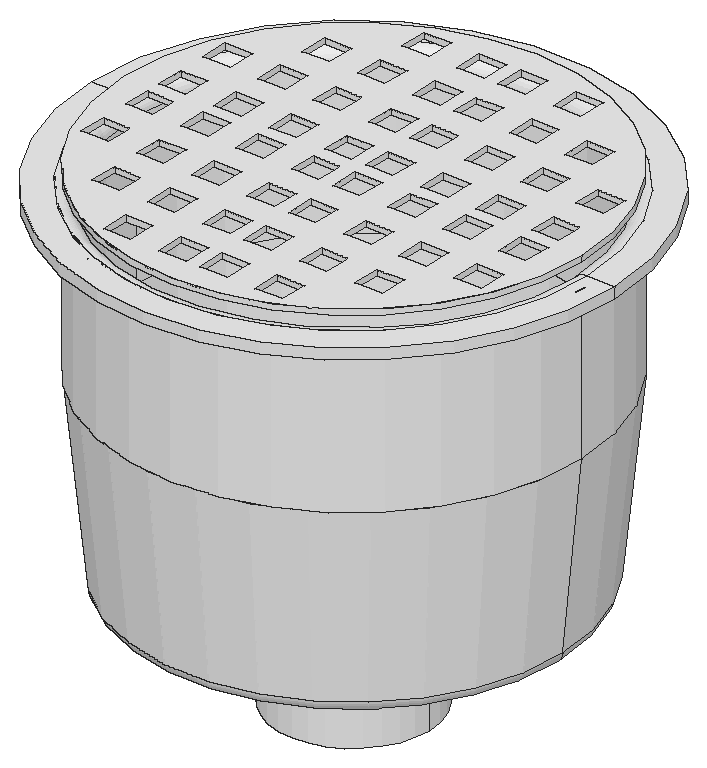
Revit family "Receptor_Sani-Flor_12_Inch_Round_8_Inch_Sump-Zurn-Z1950", category Plumbing Fixtures, Revit 2022
Family settings
  Round Connector Dimension = Use Radius
  Part Type = Normal
  OmniClass Number = 23.45.05.14.14
  OmniClass Title = Sinks/Lavatories
  Work Plane-Based = No
  Always vertical = Yes
  Cut with Voids When Loaded = No
  Maintain Annotation Orientation = No
  Shared = No
  Room Calculation Point = No
Parameters (values of type "Load Family Type Catalog")
  ZN Top height = 0.375"
  ZN Top = no
  Waste Connection = 1 = 1  # yes
  WFU = 1  # constant formula
  Vent Connection = 1 = 0  # no
  URL = "www.zurn.com"
  Type Comments = "Z1950 Sani-Flor Receptor 3 Inch Inside Caulk Outlet"
  Trap Primer = 1 = 0  # no
  Thickness = 0.250"
  Grate Open Area (Sq. In) = "22"
  Product data url = "https://www.bimobject.com/en-in/zurnindustries/product/zurn-z1950"
  Product Page URL = "https://www.zurn.com/products/drainage-interceptors/floor-sinks/z1950"
  Product Documentation Link = "https://files.zurn.com/spec-sheets/z1950.pdf"
  Grate Material = Iron - Zurn - Cast - White A.R.E Coated - Interior
  E_ Body Length_Derived = E_ Body Height - ZN Top height  # 10.625"
  Connector Radius = [A_ Pipe Size (Nominal)] / 2  # 1.500"
  Model = "Z1950-3IC"
  Main Material = Iron - Zurn - Cast - White A.R.E Coated - Interior
  HWFU = 0  # constant formula
  HW Connection = 1 = 0  # no
  Description = "12 [305] DIAMETER A.R.E. SANI-FLOR RECEPTOR 8 [203] SUMP DEPTH"  # constant formula
  CWFU = 0  # constant formula
  CW Connection = 1 = 0  # no
  Assembly Code = "D2030300"
  A_ Pipe Size (Nominal) = 3.000"
  A_ Pipe Size (Actual-Outer) = 3.500"
  A_ Pipe Size (Actual-Inner) = 3.026"
  Modified Date = "12/26/2025"  # constant formula
  Manufacurer Brand = "Zurn"  # constant formula
  Manufacturer = "Zurn Water, LLC"  # constant formula
  E_ Body Height = 11.000"
  Default Elevation = 4.000"  # constant formula
  Date Created = "08/29/2022"  # constant formula
  Approx. Weight (Lbs) = 34.000"
Reference planes (in)
  plane 1 "Center (Front/Back)": y = 0
  plane 2 "Top Level": z = -2.375
  plane 3 "Center (Left/Right)": x = 0
  plane 4: through (-4.38902, 4.38902, 48) normal (0.7071, 0.7071, 0)
  plane 5: through (4.7432, 4.7432, 48) normal (0.7071, -0.7071, 0)
  plane 6: x = -6
  plane 7: x = 6
  plane 8: x = -5.75
  plane 9: x = 5.75
  plane 10: z = -0.625
  plane 11: x = -1.75
  plane 12: x = 1.75
  plane 13: x = -1.513
  plane 14: x = 1.513
  plane 15: z = -8.375
  plane 16: z = -8.625
  plane 17: z = -11
  plane 18: z = -0.375
  plane 19: y = 1.75
  plane 20: y = -1.75
  plane 21: y = 6.125
  plane 22: y = -6.125
  plane 23: x = -5.25
  plane 24: x = 5.25
  plane 25: x = -5.5
  plane 26: x = 5.5
  plane 27: x = -5
  plane 28: x = 5
  plane 29: z = -0.25
  plane 30: z = -0.5
  plane 31: y = 5.25
  plane 32: y = -5.25
  plane 33: x = -5.25
  plane 34: x = 5.25
Forms (in)
  Revolve 1, solid, material "Iron - Zurn - Cast - White A.R.E Coated - Interior" <- "Main Material", detail levels fine
    sketch origin (0, 0, 0) x (1, 0, 0) y (0, 0, 1)
      loop
        line (-1.513, -11) -> (-1.513, -8.375) -> (-4.40139, -8.375)
        arc (-4.40139, -8.375) -> (-4.47894, -8.34803) -> (-4.52303, -8.27875) r 0.125
        arc (-4.52303, -8.27875) -> (-4.88036, -6.24698) -> (-5, -4.1875) r 17.78516
        line (-5, -4.1875) -> (-5, -0.75)
        arc (-5, -0.75) -> (-5.10983, -0.48483) -> (-5.375, -0.375) r 0.375
        line (-5.375, -0.375) -> (-6, -0.375) -> (-6, -0.625) -> (-5.375, -0.625)
        arc (-5.375, -0.625) -> (-5.28661, -0.66161) -> (-5.25, -0.75) r 0.125
        line (-5.25, -0.75) -> (-5.25, -4.1875)
        arc (-5.25, -4.1875) -> (-5.14106, -6.26905) -> (-4.81544, -8.32786) r 19.94141
        arc (-4.81544, -8.32786) -> (-4.68465, -8.5414) -> (-4.44861, -8.625) r 0.375
        line (-4.44861, -8.625) -> (-1.875, -8.625)
        arc (-1.875, -8.625) -> (-1.78661, -8.66161) -> (-1.75, -8.75) r 0.125
        line (-1.75, -8.75) -> (-1.75, -11) -> (-1.513, -11)
      axis (0, -0.375) -> (0, -11)
    angle from 0 to 360
  Revolve 2, solid, material "Iron - Zurn - Cast - White A.R.E Coated - Interior" <- "Grate Material", visible <- "ZN Top", detail levels fine
    sketch origin (0, 0, 0) x (1, 0, 0) y (0, 0, 1)
      loop
        line (-5.25, 0) -> (-6.25, 0) -> (-6.25, -0.5) -> (-5, -0.5) -> (-5, -0.25) -> (-5.25, -0.25) -> (-5.25, 0)
      axis (0, 0) -> (0, -0.5)
    angle from 0 to 360
Lines and regions (in)
  Masking region 1, detail levels fine
    outline origin (0, 0, 0) x (1, 0, 0) y (0, 1, 0)
      loop
        circle (0, 0) r 6.25
  model lines, detail levels coarse+medium
    curve 1: line (0, 0, 0) -> (0, 0, -11)
    curve 2: line (-1.75, 0, -11) -> (1.75, 0, -11)
    curve 3: line (0, 1.75, -11) -> (0, -1.75, -11)
    curve 4: circle (0, 0, 0) r 6 normal (0, 0, 1)
    curve 5: circle (0, 0, 0) r 5.25 normal (0, 0, 1)
    curve 6: line (-3.01854, 4.29545, 0) -> (3.01854, 4.29545, 0)
    curve 7: line (-4.04979, 3.34091, 0) -> (4.04979, 3.34091, 0)
    curve 8: line (-4.6763, 2.38636, 0) -> (4.6763, 2.38636, 0)
    curve 9: line (-5.05098, 1.43182, 0) -> (5.05098, 1.43182, 0)
    curve 10: line (-5.22826, 0.47727, 0) -> (5.22826, 0.47727, 0)
    curve 11: line (5.22826, -0.47727, 0) -> (-5.22826, -0.47727, 0)
    curve 12: line (-5.05098, -1.43182, 0) -> (5.05098, -1.43182, 0)
    curve 13: line (-4.6763, -2.38636, 0) -> (4.6763, -2.38636, 0)
    curve 14: line (-4.04979, -3.34091, 0) -> (4.04979, -3.34091, 0)
    curve 15: line (-3.01854, -4.29545, 0) -> (3.01854, -4.29545, 0)
    curve 16: line (-4.29545, 3.01854, 0) -> (-4.29545, -3.01854, 0)
    curve 17: line (-3.34091, 4.04979, 0) -> (-3.34091, -4.04979, 0)
    curve 18: line (-2.38636, -4.6763, 0) -> (-2.38636, 4.6763, 0)
    curve 19: line (-1.43182, 5.05098, 0) -> (-1.43182, -5.05098, 0)
    curve 20: line (-0.47727, -5.22826, 0) -> (-0.47727, 5.22826, 0)
    curve 21: line (0.47727, 5.22826, 0) -> (0.47727, -5.22826, 0)
    curve 22: line (1.43182, -5.05098, 0) -> (1.43182, 5.05098, 0)
    curve 23: line (2.38636, 4.6763, 0) -> (2.38636, -4.6763, 0)
    curve 24: line (3.34091, 4.04979, 0) -> (3.34091, -4.04979, 0)
    curve 25: line (4.29545, 3.01854, 0) -> (4.29545, -3.01854, 0)
Dimensions and locks (in)
  locked: plane 3 "Center (Left/Right)" to plane 4
  locked: plane 5 to plane 4
  level to plane 2 "Top Level" = 2.375"
  equal spacing: plane 11, plane 3 "Center (Left/Right)", plane 12
  "A_ Pipe Size (Actual-Outer)": plane 11 to plane 12
  equal spacing: plane 14, plane 3 "Center (Left/Right)", plane 13
  "A_ Pipe Size (Actual-Inner)": plane 14 to plane 13
  "A_ Pipe Size (Actual-Outer)": plane 19 to plane 20
  equal spacing: plane 19, plane 1 "Center (Front/Back)", plane 20
  locked: plane 21 to plane 22 at 12.25
  equal spacing: plane 21, plane 1 "Center (Front/Back)", plane 22
  "Thickness": plane 8 to plane 6
  "Thickness": plane 7 to plane 9
  locked: plane 7 to plane 6 at 12
  equal spacing: plane 7, plane 3 "Center (Left/Right)", plane 6
  plane 24 to plane 3 "Center (Left/Right)" to plane 23 = 5.250" locked, 5.250" locked
  "Thickness": plane 24 to plane 26
  "Thickness": plane 23 to plane 25
  "Thickness": plane 27 to plane 23
  "Thickness": plane 24 to plane 28
  "E_ Body Height": level to plane 17
  "Thickness": plane 15 to plane 16
  locked: plane 18 to plane 15 at 8
  locked: plane 18 to plane 2 "Top Level" at 2
  plane 3 "Center (Left/Right)" to Revolve 1 sketch curve = 4.44861"
  Revolve 1 sketch curve to plane 16 = 0.375"
  "E_ Body Length_Derived": plane 18 to plane 17
  "Thickness": plane 18 to plane 10
  "Thickness": plane 29 to plane 30
  "Thickness": level to plane 29
  locked: Revolve 2 sketch curve to plane 6 at 0.25
  plane 31 to plane 1 "Center (Front/Back)" to plane 32 = 5.250" locked, 5.250" locked
  equal spacing: plane 31, curve 6, curve 7, curve 8, curve 9, curve 10, curve 11, curve 12, curve 13, curve 14, curve 15, plane 32
  plane 33 to plane 3 "Center (Left/Right)" to plane 34 = 5.250" locked, 5.250" locked
  equal spacing: plane 33, curve 16, curve 17, curve 18, curve 19, curve 20, curve 21, curve 22, curve 23, curve 24, curve 25, plane 34
  plane 25 to plane 6 = 0.500"
  plane 26 to plane 7 = 0.500"
  radius of curve 5 = 5.250"
  diameter of Masking region 1 sketch curve = 12.500"
  aligned and locked: plane 11 to curve 2
  aligned and locked: plane 12 to curve 2
  aligned and locked: curve 2 to plane 17
  aligned and locked: level to curve 1
  aligned and locked: plane 17 to curve 1
  aligned and locked: curve 1 to plane 3 "Center (Left/Right)"
  aligned and locked: plane 19 to curve 3
  aligned and locked: plane 20 to curve 3
  aligned and locked: curve 3 to plane 17
  aligned and locked: plane 17 to Revolve 1 sketch curve
  aligned and locked: Revolve 1 sketch curve to plane 11
  aligned and locked: plane 13 to Revolve 1 sketch curve
  aligned and locked: plane 18 to Revolve 1 sketch curve  (x2)
  aligned and locked: Revolve 1 sketch curve to plane 10
  aligned and locked: Revolve 1 sketch curve to plane 3 "Center (Left/Right)"
  aligned and locked: Revolve 2 sketch curve to plane 30
  aligned and locked: plane 29 to Revolve 2 sketch curve
  aligned and locked: Revolve 2 sketch curve to curve 1
  aligned and locked: Revolve 2 to level
  aligned and locked: plane 3 "Center (Left/Right)" to curve 4
  aligned and locked: plane 1 "Center (Front/Back)" to curve 4
  aligned and locked: plane 1 "Center (Front/Back)" to curve 5
  aligned and locked: plane 3 "Center (Left/Right)" to curve 5
  aligned and locked: plane 3 "Center (Left/Right)" to Masking region 1 sketch curve
  aligned and locked: plane 1 "Center (Front/Back)" to Masking region 1 sketch curve
  aligned and locked: plane 16 to Revolve 1 sketch curve
  aligned and locked: plane 15 to Revolve 1 sketch curve
  aligned and locked: Revolve 1 sketch curve to plane 6
  aligned and locked: level to nested 1
  aligned and locked: plane 27 to Revolve 1 sketch curve
  aligned and locked: Revolve 1 sketch curve to plane 33
  aligned and locked: plane 3 "Center (Left/Right)" to nested 1
  aligned and locked: plane 1 "Center (Front/Back)" to nested 1
  aligned and locked: Revolve 2 sketch curve to plane 27
  aligned and locked: plane 33 to Revolve 2 sketch curve
Automatic sketch dimensions
  Revolve 1 sketch curve to Revolve 1 sketch curve = 0.04723"
  Revolve 1 sketch curve to Revolve 1 sketch curve = 0.000"  (x2)
  Revolve 1 sketch curve to plane 17 = 0.000"
  Revolve 1 sketch curve to Revolve 1 sketch curve = 0.125"
  Revolve 1 sketch curve to plane 2 "Top Level" = 1.8125"  (x2)
  plane 7 to Revolve 1 sketch curve = 6.78516"
  Revolve 1 sketch curve to Revolve 1 sketch curve = 1.90625"
  Revolve 2 sketch curve to plane 2 "Top Level" = 0.000"
  level to Revolve 2 sketch curve = 0.000"
  Revolve 2 sketch curve to level = 0.000"
  Revolve 1 sketch curve to plane 10 = 0.125"
  radius of curve 4 = 6.000"
Nested families (in)
  nested 1: "Z1950-Grate" at (0, 0, 0), Grate Material <- "Grate Material", type "Grate", detail levels fine
    with Strainer Diameter (B) 10.850", Slot od 0.650", Grate Radius 5.250", Grate Material Iron - Zurn - Cast - White A.R.E Coated - Interior
Connectors (in)
  piping at (0, 0, -11), diameter 3, driven by "Connector Radius", driven by "Waste Connection"
    settings: on Revolve 1, index 1, connector inside diameter 24", connector length 0.000", flow factor 0, pipe flow 0 GPM, pressure drop 0.00 psi, fitting loss kfactor 0, connector angle 0.00°, fixture units 0, engagement length 0.000", angle of deflection 0.00°, flow configuration 0, flow direction 2, fitting loss method 0, system type 16, joint type 0, gender type 0, connector reference index -1, connector utility 1, adjustable connector no, is connector primary yes, connector description "sanitary Outlet"
Definition of nested family "Z1950-Grate"
  Parameters (values of type "Grate")
    Waste Connection = 1 = 1  # yes
    WFU = 1  # constant formula
    Vent Connection = 1 = 0  # no
    URL = "www.zurn.com"
    Type Comments = ""
    Strainer Diameter (B) [instance] = 11.350"
    Slot od [instance] = if([Strainer Diameter (B)] = 5.000", 0.375", if([Strainer Diameter (B)] = 6.000", 0.475", if([Strainer Diameter (B)] = 7.000", 0.475", if([Strainer Diameter (B)] = 8.000", 0.650", if([Strainer Diameter (B)] = 10.000", 0.650", 0.650")))))  # 0.650"
    Product data url = ""
    Product Page URL = ""
    Product Installation Sheet URL = ""
    Product Documentation Link = ""
    Modified Date = ""
    Model = ""
    Manufacurer Brand = "Zurn"  # constant formula
    Manufacturer = "Zurn Water, LLC"  # constant formula
    HWFU = 0  # constant formula
    HW Connection = 1 = 0  # no
    Grate Radius [instance] = ([Strainer Diameter (B)] - 0.350") / 2  # 5.500"
    Grate Material [instance] = none
    Description = ""
    Default Elevation = 20.000"  # constant formula
    Date Created = ""
    CWFU = 0  # constant formula
    CW Connection = 1 = 0  # no
    Assembly Code = ""
  Reference planes (in)
    plane 1 "Center (Front/Back)": y = 0
    plane 2: z = 0
    plane 3 "Center (Left/Right)": x = 0
    plane 4: z = -0.125
  Forms (in)
    Extrusion 1, solid, material <- "Grate Material"
      sketch origin (0, 0, 0) x (1, 0, 0) y (0, 1, 0)
        loop
          circle (0, 0) r 5.5
        loop
          line (-0.1555, 4.85) -> (-0.82614, 4.85) -> (-0.82614, 4.17929) -> (-0.1555, 4.17929) -> (-0.1555, 4.85)
        loop
          line (-0.1555, 3.50857) -> (-0.82614, 3.50857) -> (-0.82614, 2.83786) -> (-0.1555, 2.83786) -> (-0.1555, 3.50857)
        loop
          line (-0.1555, 2.16714) -> (-0.82614, 2.16714) -> (-0.82614, 1.49643) -> (-0.1555, 1.49643) -> (-0.1555, 2.16714)
        loop
          line (-0.1555, 0.82571) -> (-0.82614, 0.82571) -> (-0.82614, 0.155) -> (-0.1555, 0.155) -> (-0.1555, 0.82571)
        loop
          line (-1.49679, 3.50857) -> (-2.16743, 3.50857) -> (-2.16743, 2.83786) -> (-1.49679, 2.83786) -> (-1.49679, 3.50857)
        loop
          line (-1.49679, 2.16714) -> (-2.16743, 2.16714) -> (-2.16743, 1.49643) -> (-1.49679, 1.49643) -> (-1.49679, 2.16714)
        loop
          line (-1.49679, 0.82571) -> (-2.16743, 0.82571) -> (-2.16743, 0.155) -> (-1.49679, 0.155) -> (-1.49679, 0.82571)
        loop
          line (-2.83807, 3.50857) -> (-3.50871, 3.50857) -> (-3.50871, 2.83786) -> (-2.83807, 2.83786) -> (-2.83807, 3.50857)
        loop
          line (-2.83807, 2.16714) -> (-3.50871, 2.16714) -> (-3.50871, 1.49643) -> (-2.83807, 1.49643) -> (-2.83807, 2.16714)
        loop
          line (-2.83807, 0.82571) -> (-3.50871, 0.82571) -> (-3.50871, 0.155) -> (-2.83807, 0.155) -> (-2.83807, 0.82571)
        loop
          line (-4.17936, 2.16714) -> (-4.85, 2.16714) -> (-4.85, 1.49643) -> (-4.17936, 1.49643) -> (-4.17936, 2.16714)
        loop
          line (-4.17936, 0.82571) -> (-4.85, 0.82571) -> (-4.85, 0.155) -> (-4.17936, 0.155) -> (-4.17936, 0.82571)
        loop
          line (-1.49679, 4.85) -> (-2.16743, 4.85) -> (-2.16743, 4.17929) -> (-1.49679, 4.17929) -> (-1.49679, 4.85)
        loop
          line (0.1555, 4.85) -> (0.1555, 4.17929) -> (0.82614, 4.17929) -> (0.82614, 4.85) -> (0.1555, 4.85)
        loop
          line (0.1555, 3.50857) -> (0.1555, 2.83786) -> (0.82614, 2.83786) -> (0.82614, 3.50857) -> (0.1555, 3.50857)
        loop
          line (0.1555, 2.16714) -> (0.1555, 1.49643) -> (0.82614, 1.49643) -> (0.82614, 2.16714) -> (0.1555, 2.16714)
        loop
          line (0.1555, 0.82571) -> (0.1555, 0.155) -> (0.82614, 0.155) -> (0.82614, 0.82571) -> (0.1555, 0.82571)
        loop
          line (1.49679, 3.50857) -> (1.49679, 2.83786) -> (2.16743, 2.83786) -> (2.16743, 3.50857) -> (1.49679, 3.50857)
        loop
          line (1.49679, 2.16714) -> (1.49679, 1.49643) -> (2.16743, 1.49643) -> (2.16743, 2.16714) -> (1.49679, 2.16714)
        loop
          line (1.49679, 0.82571) -> (1.49679, 0.155) -> (2.16743, 0.155) -> (2.16743, 0.82571) -> (1.49679, 0.82571)
        loop
          line (2.83807, 3.50857) -> (2.83807, 2.83786) -> (3.50871, 2.83786) -> (3.50871, 3.50857) -> (2.83807, 3.50857)
        loop
          line (2.83807, 2.16714) -> (2.83807, 1.49643) -> (3.50871, 1.49643) -> (3.50871, 2.16714) -> (2.83807, 2.16714)
        loop
          line (2.83807, 0.82571) -> (2.83807, 0.155) -> (3.50871, 0.155) -> (3.50871, 0.82571) -> (2.83807, 0.82571)
        loop
          line (4.17936, 2.16714) -> (4.17936, 1.49643) -> (4.85, 1.49643) -> (4.85, 2.16714) -> (4.17936, 2.16714)
        loop
          line (4.17936, 0.82571) -> (4.17936, 0.155) -> (4.85, 0.155) -> (4.85, 0.82571) -> (4.17936, 0.82571)
        loop
          line (1.49679, 4.85) -> (1.49679, 4.17929) -> (2.16743, 4.17929) -> (2.16743, 4.85) -> (1.49679, 4.85)
        loop
          line (-0.1555, -4.85) -> (-0.1555, -4.17929) -> (-0.82614, -4.17929) -> (-0.82614, -4.85) -> (-0.1555, -4.85)
        loop
          line (-0.1555, -3.50857) -> (-0.1555, -2.83786) -> (-0.82614, -2.83786) -> (-0.82614, -3.50857) -> (-0.1555, -3.50857)
        loop
          line (-0.1555, -2.16714) -> (-0.1555, -1.49643) -> (-0.82614, -1.49643) -> (-0.82614, -2.16714) -> (-0.1555, -2.16714)
        loop
          line (-0.1555, -0.82571) -> (-0.1555, -0.155) -> (-0.82614, -0.155) -> (-0.82614, -0.82571) -> (-0.1555, -0.82571)
        loop
          line (-1.49679, -3.50857) -> (-1.49679, -2.83786) -> (-2.16743, -2.83786) -> (-2.16743, -3.50857) -> (-1.49679, -3.50857)
        loop
          line (-1.49679, -2.16714) -> (-1.49679, -1.49643) -> (-2.16743, -1.49643) -> (-2.16743, -2.16714) -> (-1.49679, -2.16714)
        loop
          line (-1.49679, -0.82571) -> (-1.49679, -0.155) -> (-2.16743, -0.155) -> (-2.16743, -0.82571) -> (-1.49679, -0.82571)
        loop
          line (-2.83807, -3.50857) -> (-2.83807, -2.83786) -> (-3.50871, -2.83786) -> (-3.50871, -3.50857) -> (-2.83807, -3.50857)
        loop
          line (-2.83807, -2.16714) -> (-2.83807, -1.49643) -> (-3.50871, -1.49643) -> (-3.50871, -2.16714) -> (-2.83807, -2.16714)
        loop
          line (-2.83807, -0.82571) -> (-2.83807, -0.155) -> (-3.50871, -0.155) -> (-3.50871, -0.82571) -> (-2.83807, -0.82571)
        loop
          line (-4.17936, -2.16714) -> (-4.17936, -1.49643) -> (-4.85, -1.49643) -> (-4.85, -2.16714) -> (-4.17936, -2.16714)
        loop
          line (-4.17936, -0.82571) -> (-4.17936, -0.155) -> (-4.85, -0.155) -> (-4.85, -0.82571) -> (-4.17936, -0.82571)
        loop
          line (-1.49679, -4.85) -> (-1.49679, -4.17929) -> (-2.16743, -4.17929) -> (-2.16743, -4.85) -> (-1.49679, -4.85)
        loop
          line (0.1555, -4.85) -> (0.82614, -4.85) -> (0.82614, -4.17929) -> (0.1555, -4.17929) -> (0.1555, -4.85)
        loop
          line (0.1555, -3.50857) -> (0.82614, -3.50857) -> (0.82614, -2.83786) -> (0.1555, -2.83786) -> (0.1555, -3.50857)
        loop
          line (0.1555, -2.16714) -> (0.82614, -2.16714) -> (0.82614, -1.49643) -> (0.1555, -1.49643) -> (0.1555, -2.16714)
        loop
          line (0.1555, -0.82571) -> (0.82614, -0.82571) -> (0.82614, -0.155) -> (0.1555, -0.155) -> (0.1555, -0.82571)
        loop
          line (1.49679, -3.50857) -> (2.16743, -3.50857) -> (2.16743, -2.83786) -> (1.49679, -2.83786) -> (1.49679, -3.50857)
        loop
          line (1.49679, -2.16714) -> (2.16743, -2.16714) -> (2.16743, -1.49643) -> (1.49679, -1.49643) -> (1.49679, -2.16714)
        loop
          line (1.49679, -0.82571) -> (2.16743, -0.82571) -> (2.16743, -0.155) -> (1.49679, -0.155) -> (1.49679, -0.82571)
        loop
          line (2.83807, -3.50857) -> (3.50871, -3.50857) -> (3.50871, -2.83786) -> (2.83807, -2.83786) -> (2.83807, -3.50857)
        loop
          line (2.83807, -2.16714) -> (3.50871, -2.16714) -> (3.50871, -1.49643) -> (2.83807, -1.49643) -> (2.83807, -2.16714)
        loop
          line (2.83807, -0.82571) -> (3.50871, -0.82571) -> (3.50871, -0.155) -> (2.83807, -0.155) -> (2.83807, -0.82571)
        loop
          line (4.17936, -2.16714) -> (4.85, -2.16714) -> (4.85, -1.49643) -> (4.17936, -1.49643) -> (4.17936, -2.16714)
        loop
          line (4.17936, -0.82571) -> (4.85, -0.82571) -> (4.85, -0.155) -> (4.17936, -0.155) -> (4.17936, -0.82571)
        loop
          line (1.49679, -4.85) -> (2.16743, -4.85) -> (2.16743, -4.17929) -> (1.49679, -4.17929) -> (1.49679, -4.85)
      from 0 to -0.125
  Dimensions and locks (in)
    locked: level to plane 4 at 0.125
    locked: Extrusion 1 sketch curve to plane 3 "Center (Left/Right)" at 0.1555  (x2)
    locked: plane 1 "Center (Front/Back)" to Extrusion 1 sketch curve at 0.155
    equal spacing: Extrusion 1 sketch curve, Extrusion 1 sketch curve, Extrusion 1 sketch curve, Extrusion 1 sketch curve, Extrusion 1 sketch curve, Extrusion 1 sketch curve, Extrusion 1 sketch curve, Extrusion 1 sketch curve  (x8)
    "Slot od": Extrusion 1 sketch curve to Extrusion 1 sketch curve  (x7)
    locked: plane 3 "Center (Left/Right)" to Extrusion 1 sketch curve at 0.1555  (x2)
    locked: Extrusion 1 sketch curve to plane 1 "Center (Front/Back)" at 0.155  (x2)
    "Grate Radius": radius of Extrusion 1 sketch curve
    aligned and locked: plane 2 to level
    aligned and locked: plane 3 "Center (Left/Right)" to Extrusion 1 sketch curve
    aligned and locked: plane 1 "Center (Front/Back)" to Extrusion 1 sketch curve
    aligned and locked: Extrusion 1 sketch curve to Extrusion 1 sketch curve  (x144)
    aligned and locked: Extrusion 1 to level
    aligned and locked: Extrusion 1 to plane 4
  Automatic sketch dimensions
    Extrusion 1 sketch curve to Extrusion 1 sketch curve = 0.000"
    Extrusion 1 sketch curve to plane 1 "Center (Front/Back)" = 0.155"
Types in the file's own list only (16): name | ZN Top height | ZN Top | Type Comments | Thickness | Grate Material | E_ Body Length_Derived | Connector Radius | Model | A_ Pipe Size (Nominal) | A_ Pipe Size (Actual-Outer) | A_ Pipe Size (Actual-Inner) | E_ Body Height | Default Elevation | Approx. Weight (Lbs)
  Z1950-3IC | 0.000 " | No | "Z1950 Sani-Flor Receptor 3 Inch Inside Caulk Outlet" | 0.250 " | Iron - Zurn - Cast - White A.R.E Coated - Interior | 10.625 " | 1.500 " | "Z1950" | 3.000 " | 3.500 " | 3.068 " | 10.625 " | 4.000 " | 34.000 "
  Z1950-4IC | 0.000 " | No | "Z1950 Sani-Flor Receptor 4 Inch Inside Caulk Outlet" | 0.250 " | Iron - Zurn - Cast - White A.R.E Coated - Interior | 10.625 " | 2.000 " | "Z1950" | 4.000 " | 4.500 " | 4.026 " | 10.625 " | 4.000 " | 34.000 "
  Z1950-2NH | 0.000 " | No | "Z1950 Sani-Flor Receptor 2 Inch No-Hub Outlet" | 0.250 " | Iron - Zurn - Cast - White A.R.E Coated - Interior | 10.625 " | 1.000 " | "Z1950" | 2.000 " | 2.375 " | 2.067 " | 10.625 " | 4.000 " | 34.000 "
  Z1950-3NH | 0.000 " | No | "Z1950 Sani-Flor Receptor 3 Inch No-Hub Outlet" | 0.250 " | Iron - Zurn - Cast - White A.R.E Coated - Interior | 10.625 " | 1.500 " | "Z1950" | 3.000 " | 3.500 " | 3.068 " | 10.625 " | 4.000 " | 34.000 "
  Z1950-4NH | 0.000 " | No | "Z1950 Sani-Flor Receptor 4 Inch No-Hub Outlet" | 0.250 " | Iron - Zurn - Cast - White A.R.E Coated - Interior | 10.625 " | 2.000 " | "Z1950" | 4.000 " | 4.500 " | 4.026 " | 10.625 " | 4.000 " | 34.000 "
  Z1950-2NL | 0.000 " | No | "Z1950 Sani-Flor Receptor 2 Inch Neo-Loc Outlet" | 0.250 " | Iron - Zurn - Cast - White A.R.E Coated - Interior | 10.000 " | 1.000 " | "Z1950" | 2.000 " | 2.375 " | 2.067 " | 10.000 " | 4.000 " | 34.000 "
  Z1950-3NL | 0.000 " | No | "Z1950 Sani-Flor Receptor 3 Inch Neo-Loc Outlet" | 0.250 " | Iron - Zurn - Cast - White A.R.E Coated - Interior | 10.000 " | 1.500 " | "Z1950" | 3.000 " | 3.500 " | 3.068 " | 10.000 " | 4.000 " | 34.000 "
  Z1950-4NL | 0.000 " | No | "Z1950 Sani-Flor Receptor 4 Inch Neo-Loc Outlet" | 0.250 " | Iron - Zurn - Cast - White A.R.E Coated - Interior | 10.000 " | 2.000 " | "Z1950" | 4.000 " | 4.500 " | 4.026 " | 10.000 " | 4.000 " | 34.000 "
  ZN1950-3IC | 0.375 " | Yes | "ZN1950 Sani-Flor Receptor 3 Inch Inside Caulk Outlet" | 0.250 " | Bronze - Zurn - Polished Nickel | 10.625 " | 1.500 " | "ZN1950" | 3.000 " | 3.500 " | 3.068 " | 11.000 " | 4.000 " | 34.000 "
  ZN1950-4IC | 0.375 " | Yes | "ZN1950 Sani-Flor Receptor 4 Inch Inside Caulk Outlet" | 0.250 " | Bronze - Zurn - Polished Nickel | 10.625 " | 2.000 " | "ZN1950" | 4.000 " | 4.500 " | 4.026 " | 11.000 " | 4.000 " | 34.000 "
  ZN1950-2NH | 0.375 " | Yes | "ZN1950 Sani-Flor Receptor 2 Inch No-Hub Outlet" | 0.250 " | Bronze - Zurn - Polished Nickel | 10.625 " | 1.000 " | "ZN1950" | 2.000 " | 2.375 " | 2.067 " | 11.000 " | 4.000 " | 34.000 "
  ZN1950-3NH | 0.375 " | Yes | "ZN1950 Sani-Flor Receptor 3 Inch No-Hub Outlet" | 0.250 " | Bronze - Zurn - Polished Nickel | 10.625 " | 1.500 " | "ZN1950" | 3.000 " | 3.500 " | 3.068 " | 11.000 " | 4.000 " | 34.000 "
  ZN1950-4NH | 0.375 " | Yes | "ZN1950 Sani-Flor Receptor 4 Inch No-Hub Outlet" | 0.250 " | Bronze - Zurn - Polished Nickel | 10.625 " | 2.000 " | "ZN1950" | 4.000 " | 4.500 " | 4.026 " | 11.000 " | 4.000 " | 34.000 "
  ZN1950-2NL | 0.375 " | Yes | "ZN1950 Sani-Flor Receptor 2 Inch Neo-Loc Outlet" | 0.250 " | Bronze - Zurn - Polished Nickel | 10.000 " | 1.000 " | "ZN1950" | 2.000 " | 2.375 " | 2.067 " | 10.375 " | 4.000 " | 34.000 "
  ZN1950-3NL | 0.375 " | Yes | "ZN1950 Sani-Flor Receptor 3 Inch Neo-Loc Outlet" | 0.250 " | Bronze - Zurn - Polished Nickel | 10.000 " | 1.500 " | "ZN1950" | 3.000 " | 3.500 " | 3.068 " | 10.375 " | 4.000 " | 34.000 "
  ZN1950-4NL | 0.375 " | Yes | "ZN1950 Sani-Flor Receptor 4 Inch Neo-Loc Outlet" | 0.250 " | Bronze - Zurn - Polished Nickel | 10.000 " | 2.000 " | "ZN1950" | 4.000 " | 4.500 " | 4.026 " | 10.375 " | 4.000 " | 34.000 "
